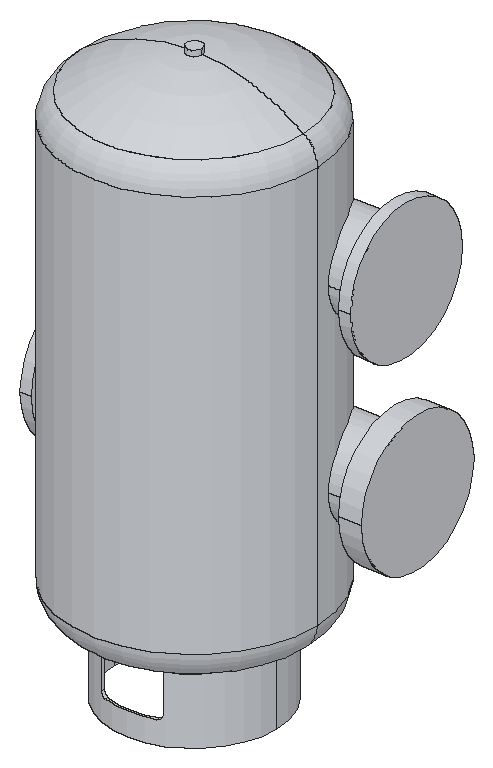
Revit family
Parameters (values of type "8-AS 125# W.P.")
  Weight = "266 lbs"
  Top to Inlet = 16.750"
  Top Connection Radius = 0.375"
  Top Connection Diameter = Top Connection Radius * 2  # 0.750"
  Tank Height = 56.313"
  Tangential = yes
  Tank Height Less Stand = 51.500"
  Tank Diameter = 24.000"
  Pipe Location off CL = 5.688"
  Outlet Pipe Flange Conn. Radius = Outlet Pipe Flange Conn / 2  # 4.000"
  Outlet Pipe Flange Conn = 8.000"
  Nipple Connection Radius = 2.000"
  Model = "8\"-AS"
  Pressure Drop = ".85"
  Max Operating Temp = "350 DEG F"
  Max Operating Pressure = "125 PSI"
  Manufacturer = "Amtrol"
  Inlet CL to Outlet CL = 14.000"
  Inlet Pipe Flange Conn = 8.000"
  Inlet Pipe Flange Conn. Radius = Inlet Pipe Flange Conn / 2  # 4.000"
  Flow (GPM) = "950"
  Flange to Flange Height = 32.000"
  CL to Outlet Flange = 16.000"
  Bottom Connection Radius = Bottom Connection Diameter / 2  # 0.375"
  Bottom Connection Diameter = 0.750"
  ASME = yes
Types (5): name | Weight | Tank Height Less Stand | Max Operating Pressure
  (no name) | "266 lbs" | 51.500" | "125 PSI"
  8-AS 125# W.P. | "266 lbs" | 51.500" | "125 PSI"
  8-AS 150# W.P. 10 BAR | "455 lbs" | 51.500" | "150 PSI"
  8-AS 175# W.P. | "455 lbs" | 52.000" | "175 PSI"
  8-AS 250# W.P. | "455 lbs" | 52.625" | "250 PSI"
Reference planes (in)
  plane 1 "Center (Front/Back)": y = 0
  plane 2: z = 0
  plane 3 "Center (Left/Right)": x = 0
Forms (in)
  Revolve 1, solid
    sketch origin (0, 0, 0) x (1, 0, 0) y (0, 0, 1)
      loop
        arc (0, 0.5538) -> (5.59505, 1.41193) -> (10.65255, 3.95412) r 18.125
        arc (10.65255, 3.95412) -> (11.59548, 5.01076) -> (11.99952, 6.36809) r 3.25
        line (11.99952, 6.36809) -> (11.99952, 46.09589)
        arc (11.99952, 46.09589) -> (11.61715, 47.49692) -> (10.66274, 48.59153) r 3.25
        arc (10.66274, 48.59153) -> (5.60578, 51.16778) -> (0, 52.0538) r 18.125
        line (0, 52.0538) -> (0, 0.5538)
      axis (0, 0.5538) -> (0, 52.0538)
    angle from 0 to 360
  Extrusion 2, solid
    sketch origin (0, 0, 4.33383) x (0, 1, 0) y (0, 0, 1)
      loop
        circle (5.688, 30.91803) r 4.3125
    from 2.04863 to 14.87997
  Extrusion 3, solid
    sketch origin (1.78583, 0, 18.02222) x (0, 1, 0) y (0, 0, 1)
      loop
        circle (5.688, -0.77036) r 4.3125
    from -16.66583 to 13.09415
  Extrusion 4, solid
    sketch origin (3.35821, 0, 8.25512) x (0, 1, 0) y (0, 0, 1)
      loop
        circle (5.688, 26.99674) r 6.75
    from 11.52176 to 12.64176
  Extrusion 5, solid
    sketch origin (0, 0, 0.63219) x (0, 1, 0) y (0, 0, 1)
      loop
        circle (5.688, 16.61967) r 6.75
    from -14.88 to -16
  Sweep 6, solid
    path origin (0.02137, 0, 28.82036) x (1, 0, 0) y (0, 0, 1)
      loop
        line (0, 23.1815) -> (0, 23.6875)
    profile origin (0.02137, 0, 52.25486) x (-1, 0, 0) y (0, -1, 0)
      loop
        circle (0, 0) r 0.75
  Sweep 7, solid
    path origin (0, 0, 0) x (1, 0, 0) y (0, 0, 1)
      loop
        line (0, 0) -> (0, 0.5538)
    profile origin (0, 0, 0.2769) x (-1, 0, 0) y (0, -1, 0)
      loop
        circle (0, 0) r 0.75
  Extrusion 8, solid
    sketch origin (0, 0, 0) x (0, 1, 0) y (0, 0, 1)
      loop
        circle (5.688, 17.25186) r 6.75
    from 17.12497 to 14.87997
  Extrusion 9, solid
    sketch origin (0, 0, 0) x (1, 0, 0) y (0, 1, 0)
      loop
        circle (0, 0) r 8
      loop
        circle (0, 0) r 7.75
    from 2.75832 to -4.03563
  Extrusion 10, void
    sketch origin (0, 0, 0) x (1, 0, 0) y (0, 0, 1)
      loop
        line (-3, 2.75832) -> (-3, -1.28563)
        arc (-3, -1.28563) -> (-2.85355, -1.63919) -> (-2.5, -1.78563) r 0.5
        line (-2.5, -1.78563) -> (2.5, -1.78563)
        arc (2.5, -1.78563) -> (2.85355, -1.63919) -> (3, -1.28563) r 0.5
        line (3, -1.28563) -> (3, 2.75832) -> (-3, 2.75832)
    from 4.41095 to 9.57176
Cuts and joins
  Extrusion 10 cuts Sweep 7
  Extrusion 10 cuts Extrusion 9
Text (in)
  text "INLET" at (18.87338, 0, 38.81839), in view "Front"
  text "OUTLET" at (-25.24868, 0, 15.0752), in view "Front"
  text "STRAINER\n\nACCESS" at (25.66449, 0, 19.17601), in view "Front"
Dimensions and locks (in)
  "Pipe Location off CL": plane 1 "Center (Front/Back)" to Extrusion 2 sketch curve
  "Pipe Location off CL": plane 1 "Center (Front/Back)" to Extrusion 3 sketch curve
  "Pipe Location off CL": Extrusion 5 sketch curve to plane 1 "Center (Front/Back)"
  "Pipe Location off CL": Extrusion 4 sketch curve to plane 1 "Center (Front/Back)"
  "CL to Outlet Flange": Extrusion 5 to plane 3 "Center (Left/Right)"
  "Top to Inlet": Sweep 6 to Extrusion 4 sketch curve
  "Top to Inlet": Sweep 6 to Extrusion 2 sketch curve
  Sweep 6 to Extrusion 5 sketch curve = 34.750"
  locked: Sweep 6 to Extrusion 8 sketch curve at 34.75
  locked: Sweep 6 to Extrusion 3 sketch curve at 34.75
  "Pipe Location off CL": plane 1 "Center (Front/Back)" to Extrusion 8 sketch curve
  "Tank Height Less Stand": Revolve 1 sketch curve to Revolve 1 sketch curve
  Revolve 1 sketch curve to Revolve 1 sketch curve = 11.99952"
  Revolve 1 sketch curve to Revolve 1 sketch curve = 14.875"
  Sweep 6 sketch curve to Revolve 1 = 5.90597"
  radius of Revolve 1 sketch curve = 18.125"  (x2)
  radius of Revolve 1 sketch curve = 3.250"  (x2)
  aligned and locked: Extrusion 2 to Extrusion 4
  aligned and locked: Extrusion 3 to Extrusion 5
  aligned and locked: Extrusion 3 to Extrusion 2
  aligned and locked: Extrusion 2 to Extrusion 8
  aligned and locked: cut or joined group of Sweep 7, Extrusion 10 to Revolve 1 sketch curve
  aligned and locked: Revolve 1 sketch curve to Revolve 1 sketch curve
Automatic sketch dimensions
  plane 3 "Center (Left/Right)" to Sweep 6 sketch curve = 0.02137"
  Sweep 6 sketch curve to Sweep 6 sketch curve = 0.506"
  plane 1 "Center (Front/Back)" to Sweep 6 sketch curve = 0.000"
  Sweep 6 sketch curve to profile plane = 0.000"
  Sweep 7 sketch curve to plane 3 "Center (Left/Right)" = 0.000"
  Sweep 7 sketch curve to level = 0.000"
  level to Sweep 7 sketch curve = 0.5538"
  plane 1 "Center (Front/Back)" to Sweep 7 sketch curve = 0.000"
  Sweep 7 sketch curve to profile plane = 0.000"
  Extrusion 9 sketch curve to Extrusion 9 sketch curve = 0.000"  (x2)
  plane 1 "Center (Front/Back)" to Extrusion 9 sketch curve = 0.000"
  Extrusion 9 sketch curve to plane 3 "Center (Left/Right)" = 0.000"
  Extrusion 10 sketch curve to plane 3 "Center (Left/Right)" = 3.000"
  Extrusion 10 sketch curve to Extrusion 10 sketch curve = 0.500"  (x2)
  Extrusion 10 sketch curve to level = 1.28563"
  plane 3 "Center (Left/Right)" to Extrusion 10 sketch curve = 2.500"
  level to Extrusion 10 sketch curve = 2.75832"
  Revolve 1 sketch curve to plane 3 "Center (Left/Right)" = 0.000"
  plane 3 "Center (Left/Right)" to Revolve 1 sketch curve = 0.00816"
  plane 3 "Center (Left/Right)" to Revolve 1 sketch curve = 0.08348"
  Revolve 1 sketch curve to Revolve 1 sketch curve = 1.89514"
  Revolve 1 sketch curve to Revolve 1 sketch curve = 1.33678"
  Revolve 1 sketch curve to Revolve 1 sketch curve = 0.000"  (x2)
  Revolve 1 sketch curve to Revolve 1 sketch curve = 7.500"
  radius of Extrusion 2 sketch curve = 4.3125"
  radius of Extrusion 3 sketch curve = 4.3125"
  radius of Extrusion 4 sketch curve = 6.750"
  radius of Extrusion 5 sketch curve = 6.750"
  radius of Sweep 6 sketch curve = 0.750"
  radius of Sweep 7 sketch curve = 0.750"
  radius of Extrusion 8 sketch curve = 6.750"
  radius of Extrusion 9 sketch curve = 8.000"
  radius of Extrusion 9 sketch curve = 7.750"
Connectors (in)
  piping at (0.02137, 0, 52.50786), driven by "Top Connection Radius"
    settings: on Sweep 6, index 3
  piping at (-16, 5.688, 17.25186), driven by "Outlet Pipe Flange Conn. Radius"
    settings: on Extrusion 5, index 4
  piping at (0, 0, 0), driven by "Bottom Connection Radius"
    settings: on Sweep 7, index 5
  piping at (15.99997, 5.688, 35.25186), driven by "Inlet Pipe Flange Conn. Radius"
    settings: on Extrusion 4, index 6
